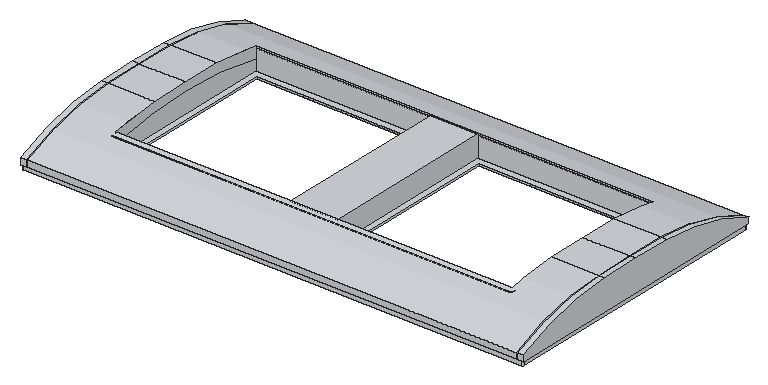
Revit family "Gira_0212728", category Electrical Fixtures, host Face, Revit 2017
Family settings
  Host = Face
  Maintain Annotation Orientation = No
  Round Connector Dimension = Use Diameter
  Part Type = Normal
  Cut with Voids When Loaded = No
  Shared = No
  Room Calculation Point = No
Parameters (values of type "Cov.fr. 2-g interm.fr. AN Gira Event Clear white")
  URL = "http://katalog.gira.de/en/datenblatt.html?artikelnr=0212728"
  Transparent = "No"
  Name = "Cov.fr. 2-g interm.fr. AN Gira Event Clear white"
  Manufacturer URL = "https://www.gira.de/"
  Manufacturer = "Gira"
  Label space/information surface = "No"
  Keynote = ""
  HeinzeBIM = "https://bimportal.heinze.de/bim/cov-fr-2-g-interm-fr-an-gira-event-clear-white/7a31397b6e86859ab1596203b24883f820b3ed3a"
  HAN = "0212728"
  GTIN = "4010337068761"
  Description = "Cov.fr.2g i.fr.AN EvCl WH,Gira Event Clear cover frame,white with anthracite intermediate frame,2-gang,Features:,- Shatter-proof."
  Default Elevation = 1219.2 mm
  Data sheet (1) = "https://katalog.gira.de/en/download.html?artikelnr=0212728"
  Category = "Cover frame for domestic switching devices"
  BIM (1) = "https://media.stage.bim.site/public/gira/36a6b08/Event_Rahmen_2fach.rfa"
  Available = "No"
Reference planes
  plane 1 "Center (Front/Back)": y = 0
  plane 2: z = 0
  plane 3 "Center (Left/Right)": x = 0
Forms (mm)
  Extrusion 1, solid, detail levels fine
    sketch origin (0, 0, 0.05) x (0, 1, 0) y (0, 0, 1)
      loop
        arc (12.445, 9.683) -> (6.223, 9.833) -> (0, 9.85) r 291.636
        arc (0, 9.85) -> (-6.223, 9.833) -> (-12.445, 9.683) r 291.636
        arc (-12.445, 9.683) -> (-29.14, 7.482) -> (-45, 1.823) r 79.728
        line (-45, 1.823) -> (-45, -0.05) -> (-42.086, -0.05)
        arc (-42.086, -0.05) -> (-21.385, 5.559) -> (0, 7.206) r 114.424
        arc (0, 7.206) -> (21.385, 5.559) -> (42.086, -0.05) r 114.424
        line (42.086, -0.05) -> (45, -0.05) -> (45, 1.823)
        arc (45, 1.823) -> (29.14, 7.482) -> (12.445, 9.683) r 79.728
    from -78.55 to 78.55
  Extrusion 2, void, detail levels fine
    sketch origin (0, 0, 0) x (1, 0, 0) y (0, 1, 0)
      loop
        line (-63.55, -27.937) -> (63.55, -27.937) -> (63.55, 28.063) -> (-63.55, 28.063) -> (-63.55, -27.937)
    from 0.724 to 11
  Extrusion 3, solid, detail levels coarse
    sketch origin (0, 0, 0) x (1, 0, 0) y (0, 1, 0)
      loop
        line (-80.55, 45) -> (-80.55, -45) -> (80.55, -45) -> (80.55, 45) -> (-80.55, 45)
    from -1.5 to 9.9
  Extrusion 4, solid, detail levels medium
    sketch origin (0, 0, 0.05) x (0, 1, 0) y (0, 0, 1)
      loop
        arc (12.445, 9.683) -> (6.223, 9.833) -> (0, 9.85) r 291.636
        arc (0, 9.85) -> (-6.223, 9.833) -> (-12.445, 9.683) r 291.636
        arc (-12.445, 9.683) -> (-29.14, 7.482) -> (-45, 1.823) r 79.728
        line (-45, 1.823) -> (-45, -0.05) -> (45, -0.05) -> (45, 1.823)
        arc (45, 1.823) -> (29.14, 7.482) -> (12.445, 9.683) r 79.728
    from -80.55 to 80.55
  Extrusion 5, solid, detail levels fine
    sketch origin (-35.55, 0, -1.5) x (0, 1, 0) y (0, 0, -1)
      loop
        line (45, -3.373) -> (45, -1.5) -> (-45, -1.5) -> (-45, -3.373)
        arc (-45, -3.373) -> (-29.14, -9.032) -> (-12.445, -11.233) r 79.728
        arc (-12.445, -11.233) -> (-6.223, -11.383) -> (0, -11.4) r 291.636
        arc (0, -11.4) -> (6.223, -11.383) -> (12.445, -11.233) r 291.636
        arc (12.445, -11.233) -> (29.14, -9.032) -> (45, -3.373) r 79.728
    from 43 to 45
  Extrusion 6, solid, detail levels fine
    sketch origin (0, 0, 0) x (1, 0, 0) y (0, 1, 0)
      loop
        line (-61.45, 25.7) -> (-61.45, -25.7) -> (-9.65, -25.7) -> (-9.65, 25.7) -> (-61.45, 25.7)
      loop
        line (61.45, -25.7) -> (61.45, 25.7) -> (9.65, 25.7) -> (9.65, -25.7) -> (61.45, -25.7)
      loop
        line (-64.445, 28.49) -> (-64.445, -28.495)
        spline (-64.445, -28.495) -> (-64.436, -28.625) -> (-64.411, -28.754) -> (-64.369, -28.878) -> (-64.311, -28.995) -> (-64.238, -29.104) -> (-64.152, -29.202) -> (-64.054, -29.288) -> (-63.945, -29.361) -> (-63.828, -29.419) -> (-63.704, -29.461) -> (-63.575, -29.486) -> (-63.445, -29.495)
        line (-63.445, -29.495) -> (63.445, -29.495)
        spline (63.445, -29.495) -> (63.575, -29.486) -> (63.704, -29.461) -> (63.828, -29.419) -> (63.945, -29.361) -> (64.054, -29.288) -> (64.152, -29.202) -> (64.238, -29.104) -> (64.311, -28.995) -> (64.369, -28.878) -> (64.411, -28.754) -> (64.436, -28.625) -> (64.445, -28.495)
        line (64.445, -28.495) -> (64.445, 28.49)
        spline (64.445, 28.49) -> (64.436, 28.62) -> (64.411, 28.748) -> (64.369, 28.872) -> (64.311, 28.99) -> (64.238, 29.098) -> (64.152, 29.197) -> (64.054, 29.283) -> (63.945, 29.356) -> (63.828, 29.413) -> (63.704, 29.456) -> (63.575, 29.481) -> (63.445, 29.49)
        line (63.445, 29.49) -> (-63.445, 29.49)
        spline (-63.445, 29.49) -> (-63.575, 29.481) -> (-63.704, 29.456) -> (-63.828, 29.413) -> (-63.945, 29.356) -> (-64.054, 29.283) -> (-64.152, 29.197) -> (-64.238, 29.098) -> (-64.311, 28.99) -> (-64.369, 28.872) -> (-64.411, 28.748) -> (-64.436, 28.62) -> (-64.445, 28.49)
    from 0.1 to 7.3
  Extrusion 7, solid
    sketch origin (0, 0, 0) x (1, 0, 0) y (0, 1, 0)
      loop
        arc (-80.25, -44.2) -> (-80.104, -44.554) -> (-79.75, -44.7) r 0.5
        line (-79.75, -44.7) -> (79.75, -44.7)
        arc (79.75, -44.7) -> (80.104, -44.554) -> (80.25, -44.2) r 0.5
        line (80.25, -44.2) -> (80.25, 44.2)
        arc (80.25, 44.2) -> (80.104, 44.554) -> (79.75, 44.7) r 0.5
        line (79.75, 44.7) -> (-79.75, 44.7)
        arc (-79.75, 44.7) -> (-80.104, 44.554) -> (-80.25, 44.2) r 0.5
        line (-80.25, 44.2) -> (-80.25, -44.2)
      loop
        line (-78.55, 43) -> (-78.55, -43) -> (78.55, -43) -> (78.55, 43) -> (-78.55, 43)
    from -1.5 to 0.5
  Extrusion 8, solid, detail levels fine
    sketch origin (35.55, 0, -1.5) x (0, 1, 0) y (0, 0, 1)
      loop
        arc (45, 3.373) -> (29.14, 9.032) -> (12.445, 11.233) r 79.728
        arc (12.445, 11.233) -> (6.223, 11.383) -> (0, 11.4) r 291.636
        arc (0, 11.4) -> (-6.223, 11.383) -> (-12.445, 11.233) r 291.636
        arc (-12.445, 11.233) -> (-29.14, 9.032) -> (-45, 3.373) r 79.728
        line (-45, 3.373) -> (-45, 1.5) -> (45, 1.5) -> (45, 3.373)
    from 43 to 45
  Extrusion 9, solid, detail levels medium
    sketch origin (0, 0, 0) x (1, 0, 0) y (0, 1, 0)
      loop
        line (-80.25, -44.7) -> (80.25, -44.7) -> (80.25, 44.7) -> (-80.25, 44.7) -> (-80.25, -44.7)
    from -1.5 to 0.5
  Extrusion 10, solid, detail levels fine
    sketch origin (0, 0, 0) x (1, 0, 0) y (0, 1, 0)
      loop
        line (-7.55, 28.063) -> (-7.55, -27.937) -> (7.55, -27.937) -> (7.55, 28.063) -> (-7.55, 28.063)
    from 0.724 to 7.566
Cuts and joins
  Extrusion 2 cuts Extrusion 1
  Extrusion 2 cuts Extrusion 6
Dimensions and locks
  aligned and locked: plane 2 to host face
  aligned and locked: level to host face
